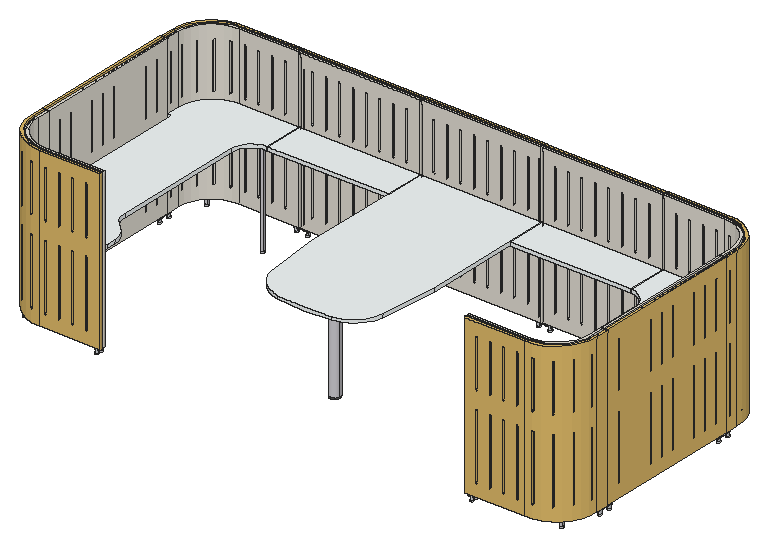
Revit family "1", category Furniture, Revit 2017 (continued)
Automatic sketch dimensions
  plane 3 "Left" to Extrusion 22 sketch curve = 342.518 mm  (x2)
  Extrusion 22 sketch curve to plane 5 "Top" = 99.996 mm  (x8)
  Extrusion 22 sketch curve to Extrusion 22 sketch curve = 7.501 mm  (x16)
  Extrusion 22 sketch curve to Extrusion 22 sketch curve = 84.998 mm  (x12)
  Extrusion 22 sketch curve to plane 4 "Right" = 657.482 mm
  level to Extrusion 22 sketch curve = 150.045 mm  (x3)
  Extrusion 22 sketch curve to Extrusion 22 sketch curve = 0.0 mm  (x17)
  Extrusion 21 sketch curve to Extrusion 21 sketch curve = 0.0 mm
  Extrusion 21 sketch curve to Extrusion 21 sketch curve = 7.501 mm  (x2)
  Extrusion 21 sketch curve to plane 5 "Top" = 99.996 mm
  level to Extrusion 21 sketch curve = 150.07 mm
  Extrusion 20 sketch curve to Extrusion 20 sketch curve = 0.0 mm
  Extrusion 20 sketch curve to Extrusion 20 sketch curve = 7.501 mm  (x2)
  Extrusion 20 sketch curve to plane 5 "Top" = 99.996 mm
  level to Extrusion 20 sketch curve = 150.07 mm
  Extrusion 19 sketch curve to Extrusion 19 sketch curve = 0.0 mm
  Extrusion 19 sketch curve to Extrusion 19 sketch curve = 7.501 mm  (x2)
  Extrusion 19 sketch curve to plane 5 "Top" = 99.996 mm
  level to Extrusion 19 sketch curve = 150.07 mm
  Extrusion 31 sketch curve to Extrusion 31 sketch curve = 0.0 mm
  Extrusion 31 sketch curve to Extrusion 31 sketch curve = 7.501 mm  (x2)
  level to Extrusion 31 sketch curve = 150.07 mm
  Extrusion 31 sketch curve to plane 5 "Top" = 99.996 mm
  Extrusion 30 sketch curve to Extrusion 30 sketch curve = 0.0 mm
  Extrusion 30 sketch curve to Extrusion 30 sketch curve = 7.501 mm  (x2)
  level to Extrusion 30 sketch curve = 150.07 mm
  Extrusion 30 sketch curve to plane 5 "Top" = 99.996 mm
  Extrusion 29 sketch curve to Extrusion 29 sketch curve = 0.0 mm
  Extrusion 29 sketch curve to Extrusion 29 sketch curve = 7.501 mm  (x2)
  level to Extrusion 29 sketch curve = 150.07 mm
  Extrusion 29 sketch curve to plane 5 "Top" = 99.996 mm
  Extrusion 9 sketch curve to Extrusion 9 sketch curve = 0.0 mm
  Extrusion 9 sketch curve to Extrusion 9 sketch curve = 7.501 mm  (x2)
  level to Extrusion 9 sketch curve = 150.07 mm
  Extrusion 9 sketch curve to plane 5 "Top" = 99.996 mm
  Extrusion 18 sketch curve to Extrusion 18 sketch curve = 0.0 mm
  Extrusion 18 sketch curve to Extrusion 18 sketch curve = 7.501 mm  (x2)
  Extrusion 18 sketch curve to plane 5 "Top" = 99.996 mm
  level to Extrusion 18 sketch curve = 150.07 mm
  plane 6 "Back" to Extrusion 8 sketch curve = 309.764 mm
  Extrusion 8 sketch curve to Extrusion 8 sketch curve = 0.0 mm  (x29)
  Extrusion 8 sketch curve to Extrusion 8 sketch curve = 7.501 mm  (x22)
  Extrusion 8 sketch curve to Extrusion 8 sketch curve = 117.8 mm  (x2)
  Extrusion 8 sketch curve to Extrusion 8 sketch curve = 7.47 mm  (x2)
  Extrusion 8 sketch curve to Extrusion 8 sketch curve = 85.127 mm  (x2)
  Extrusion 8 sketch curve to Extrusion 8 sketch curve = 84.93 mm  (x6)
  Extrusion 8 sketch curve to Extrusion 8 sketch curve = 84.998 mm  (x10)
  plane 9 to Extrusion 8 sketch curve = 25.221 mm  (x2)
  level to Extrusion 8 sketch curve = 150.07 mm  (x3)
  Extrusion 8 sketch curve to plane 5 "Top" = 99.996 mm  (x12)
  Extrusion 28 sketch curve to Extrusion 28 sketch curve = 0.0 mm
  Extrusion 28 sketch curve to Extrusion 28 sketch curve = 7.501 mm  (x2)
  level to Extrusion 28 sketch curve = 150.07 mm
  Extrusion 28 sketch curve to plane 5 "Top" = 99.996 mm
  Extrusion 24 sketch curve to Extrusion 24 sketch curve = 0.0 mm
  Extrusion 24 sketch curve to Extrusion 24 sketch curve = 7.501 mm  (x2)
  Extrusion 24 sketch curve to plane 5 "Top" = 99.996 mm
  level to Extrusion 24 sketch curve = 150.07 mm
  plane 6 "Back" to Extrusion 23 sketch curve = 309.692 mm
  Extrusion 23 sketch curve to Extrusion 23 sketch curve = 0.0 mm  (x29)
  Extrusion 23 sketch curve to Extrusion 23 sketch curve = 7.501 mm  (x24)
  Extrusion 23 sketch curve to Extrusion 23 sketch curve = 117.8 mm  (x2)
  Extrusion 23 sketch curve to Extrusion 23 sketch curve = 85.137 mm  (x2)
  Extrusion 23 sketch curve to Extrusion 23 sketch curve = 84.93 mm  (x6)
  Extrusion 23 sketch curve to Extrusion 23 sketch curve = 84.998 mm  (x10)
  plane 9 to Extrusion 23 sketch curve = 25.221 mm  (x2)
  Extrusion 23 sketch curve to plane 5 "Top" = 99.996 mm  (x12)
  level to Extrusion 23 sketch curve = 150.07 mm  (x3)
  Extrusion 7 sketch curve to Extrusion 7 sketch curve = 344.998 mm
  Extrusion 7 sketch curve to Extrusion 7 sketch curve = 140.048 mm  (x9)
  Extrusion 8 sketch curve to Extrusion 8 sketch curve = 479.913 mm  (x2)
  Extrusion 8 sketch curve to Extrusion 8 sketch curve = 140.023 mm  (x3)
  Extrusion 9 sketch curve to plane 5 "Top" = 585.017 mm
  Extrusion 9 sketch curve to Extrusion 9 sketch curve = 140.023 mm
  Extrusion 10 sketch curve to plane 5 "Top" = 585.017 mm
  Extrusion 10 sketch curve to Extrusion 10 sketch curve = 140.023 mm
  Extrusion 11 sketch curve to plane 5 "Top" = 585.017 mm
  Extrusion 11 sketch curve to Extrusion 11 sketch curve = 140.023 mm
  Extrusion 12 sketch curve to plane 5 "Top" = 585.017 mm
  Extrusion 12 sketch curve to Extrusion 12 sketch curve = 140.023 mm
  Extrusion 18 sketch curve to plane 5 "Top" = 585.017 mm
  Extrusion 18 sketch curve to Extrusion 18 sketch curve = 140.023 mm
  Extrusion 19 sketch curve to plane 5 "Top" = 585.017 mm
  Extrusion 19 sketch curve to Extrusion 19 sketch curve = 140.087 mm
  Extrusion 20 sketch curve to plane 5 "Top" = 585.017 mm
  Extrusion 20 sketch curve to Extrusion 20 sketch curve = 140.023 mm
  Extrusion 21 sketch curve to plane 5 "Top" = 585.017 mm
  Extrusion 21 sketch curve to Extrusion 21 sketch curve = 140.023 mm
  Extrusion 22 sketch curve to Extrusion 22 sketch curve = 344.998 mm  (x2)
  Extrusion 22 sketch curve to Extrusion 22 sketch curve = 140.048 mm  (x3)
  Extrusion 23 sketch curve to Extrusion 23 sketch curve = 344.998 mm  (x3)
  Extrusion 23 sketch curve to Extrusion 23 sketch curve = 140.023 mm  (x2)
  Extrusion 24 sketch curve to plane 5 "Top" = 585.017 mm
  Extrusion 24 sketch curve to Extrusion 24 sketch curve = 140.023 mm
  Extrusion 25 sketch curve to plane 5 "Top" = 585.017 mm
  Extrusion 25 sketch curve to Extrusion 25 sketch curve = 140.023 mm
  Extrusion 26 sketch curve to plane 5 "Top" = 585.017 mm
  Extrusion 26 sketch curve to Extrusion 26 sketch curve = 140.023 mm
  Extrusion 27 sketch curve to plane 5 "Top" = 585.017 mm
  Extrusion 27 sketch curve to Extrusion 27 sketch curve = 140.023 mm
  Extrusion 28 sketch curve to plane 5 "Top" = 585.017 mm
  Extrusion 28 sketch curve to Extrusion 28 sketch curve = 140.023 mm
  Extrusion 29 sketch curve to plane 5 "Top" = 585.017 mm
  Extrusion 29 sketch curve to Extrusion 29 sketch curve = 140.087 mm
  Extrusion 30 sketch curve to plane 5 "Top" = 585.017 mm
  Extrusion 30 sketch curve to Extrusion 30 sketch curve = 140.023 mm
  Extrusion 31 sketch curve to plane 5 "Top" = 585.017 mm
  Extrusion 31 sketch curve to Extrusion 31 sketch curve = 140.023 mm
  plane 7 to Masking region 1 sketch curve = 0.0 mm
  plane 8 to Masking region 1 sketch curve = 0.0 mm  (x2)
  plane 1 "Front" to Masking region 1 sketch curve = 0.0 mm  (x2)
  plane 6 "Back" to Masking region 1 sketch curve = 598.605 mm  (x2)
  Masking region 1 sketch curve to plane 3 "Left" = 6410.318 mm
  plane 9 to Masking region 1 sketch curve = 0.0 mm  (x2)
  plane 3 "Left" to Masking region 1 sketch curve = 0.0 mm
  plane 6 "Back" to Masking region 1 sketch curve = 250.0 mm
  plane 9 to Masking region 1 sketch curve = 100.0 mm  (x2)
  Masking region 1 sketch curve to plane 9 = 12.132 mm  (x2)
  Masking region 1 sketch curve to Masking region 1 sketch curve = 300.0 mm
  Masking region 1 sketch curve to plane 1 "Front" = 87.868 mm  (x2)
  Masking region 1 sketch curve to Masking region 1 sketch curve = 0.0 mm  (x10)
  plane 9 to Masking region 1 sketch curve = 93.934 mm  (x2)
  Masking region 1 sketch curve to Masking region 1 sketch curve = 43.934 mm  (x2)
  plane 9 to Masking region 1 sketch curve = 156.066 mm  (x2)
  Masking region 1 sketch curve to Masking region 1 sketch curve = 62.132 mm  (x2)
  plane 1 "Front" to Masking region 1 sketch curve = 18.0 mm
  Masking region 1 sketch curve to Masking region 1 sketch curve = 25.0 mm  (x3)
  Masking region 1 sketch curve to plane 1 "Front" = 20.0 mm  (x2)
  Masking region 1 sketch curve to Masking region 1 sketch curve = 20.0 mm  (x2)
  Masking region 1 sketch curve to Masking region 1 sketch curve = 450.0 mm  (x3)
  Masking region 1 sketch curve to Masking region 1 sketch curve = 150.0 mm
  Masking region 1 sketch curve to Masking region 1 sketch curve = 900.0 mm
  Masking region 1 sketch curve to plane 9 = 63.615 mm  (x2)
  Masking region 1 sketch curve to Masking region 1 sketch curve = 284.754 mm
  plane 6 "Back" to Masking region 1 sketch curve = 216.75 mm
  Masking region 1 sketch curve to Masking region 1 sketch curve = 330.491 mm
  plane 6 "Back" to Masking region 1 sketch curve = 300.0 mm
  Masking region 1 sketch curve to plane 4 "Right" = 750.0 mm  (x2)
  Masking region 1 sketch curve to Masking region 1 sketch curve = 5.0 mm
  Masking region 1 sketch curve to plane 4 "Right" = 300.0 mm  (x2)
  plane 4 "Right" to Masking region 1 sketch curve = 6410.318 mm
  Masking region 1 sketch curve to Masking region 1 sketch curve = 14.0 mm  (x2)
  Masking region 1 sketch curve to Masking region 1 sketch curve = 18.0 mm
  Masking region 1 sketch curve to Masking region 1 sketch curve = 298.0 mm
  Masking region 1 sketch curve to Masking region 1 sketch curve = 381.25 mm
  plane 6 "Back" to Masking region 1 sketch curve = 450.0 mm
  Masking region 1 sketch curve to Masking region 1 sketch curve = 100.0 mm  (x2)
  Masking region 1 sketch curve to plane 9 = 19.228 mm
  radius of Extrusion 2 sketch curve = 12.0 mm  (x8)
  radius of Extrusion 3 sketch curve = 7.5 mm  (x8)
  radius of Extrusion 4 sketch curve = 9.25 mm  (x4)
  radius of Extrusion 5 sketch curve = 9.5 mm  (x4)
  radius of Extrusion 33 sketch curve = 38.0 mm
  radius of Extrusion 34 sketch curve = 38.0 mm
Nested families
  nested 1: "Sub 1" at (24.849, 42.721, 0) x (0, 1, 0) z (0, 0, 1), type "Sub 1"
  nested 2: "Sub 1" at (707.3, 1474.726, 0) x (-1, 0, 0) z (0, 0, 1), type "Sub 1"
  nested 3: "Sub 1" at (792.7, 1474.726, 0), type "Sub 1"
  nested 4: "Sub 1" at (1607.287, 1474.731, 0) x (-1, 0, 0) z (0, 0, 1), type "Sub 1"
  nested 5: "Sub 1" at (1692.687, 1474.731, 0), type "Sub 1"
  nested 6: "Sub 1" at (24.849, -42.72, 0) x (0, -1, 0) z (0, 0, 1), type "Sub 1"
  nested 7: "Sub 1" at (24.849, 1142.521, 0) x (0, 1, 0) z (0, 0, 1), type "Sub 1"
  nested 8: "Sub 1" at (24.849, 1057.08, 0) x (0, -1, 0) z (0, 0, 1), type "Sub 1"
  nested 9: "Sub 1" at (707.3, -375.074, 0) x (-1, 0, 0) z (0, 0, 1), type "Sub 1"
  nested 10: "Sub 1" at (2507.287, 1474.731, 0) x (-1, 0, 0) z (0, 0, 1), type "Sub 1"
  nested 11: "Sub 1" at (2592.687, 1474.731, 0), type "Sub 1"
  nested 12: "Sub 1" at (3407.287, 1474.731, 0) x (-1, 0, 0) z (0, 0, 1), type "Sub 1"
  nested 13: "Sub 1" at (3492.687, 1474.731, 0), type "Sub 1"
  nested 14: "Sub 1" at (4175.151, 42.721, 0) x (0, 1, 0) z (0, 0, 1), type "Sub 1"
  nested 15: "Sub 1" at (4175.151, -42.72, 0) x (0, -1, 0) z (0, 0, 1), type "Sub 1"
  nested 16: "Sub 1" at (4175.151, 1142.521, 0) x (0, 1, 0) z (0, 0, 1), type "Sub 1"
  nested 17: "Sub 1" at (4175.151, 1057.08, 0) x (0, -1, 0) z (0, 0, 1), type "Sub 1"
  nested 18: "Sub 1" at (3492.7, -375.074, 0), type "Sub 1"
Definition of nested family "Sub 1"
  Parameters (values of type "Panel_sub 1")
    Body = none
  Reference planes
    plane 1 "Center (Front/Back)": y = 0
    plane 2: z = 0
    plane 3 "Center (Left/Right)": x = 0
  Forms (mm)
    Revolve 1, solid, material <- "Body"
      sketch origin (-518.169, 0, 0) x (1, 0, 0) y (0, 0, 1)
        loop
          line (518.169, 10) -> (510.669, 10) -> (510.669, 4) -> (506.169, 4) -> (506.169, 0) -> (518.169, 0) -> (518.169, 10)
        axis (518.169, 0) -> (518.169, 10)
      angle from 0 to 360
    Extrusion 2, solid, material <- "Body"
      sketch origin (-518.15, -386.061, 0) x (1, 0, 0) y (0, 1, 0)
        loop
          circle (518.115, 386.196) r 9.201
      from 10 to 50
    Extrusion 3, solid, material <- "Body"
      sketch origin (1122.278, -229.784, 0) x (-1, 0, 0) y (0, 0, -1)
        loop
          line (1113.109, -28.851) -> (1113.109, -50) -> (1147.978, -50) -> (1147.978, -36.997)
          arc (1147.978, -36.997) -> (1145.592, -31.237) -> (1139.832, -28.851) r 8.145
          line (1139.832, -28.851) -> (1113.109, -28.851)
      from -239.308 to -220.608
    Extrusion 4, solid, material <- "Body"
      sketch origin (1121.929, -229.784, -0.184) x (-1, 0, 0) y (0, 0, -1)
        loop
          circle (1139.612, -37.018) r 5
      from -239.368 to -220.495
  Lines and regions (mm)
    symbolic lines, detail levels coarse
      curve 1: line (-17.794, 7, 0) -> (-17.794, -7, 0)
    symbolic lines, detail levels medium+fine
      curve 2: line (-17.794, 7, 0) -> (-17.794, -7, 0)
  Dimensions and locks
    aligned and locked: level to plane 2
Types (81, lengths in mm): name | Panel_Interior | Panel_Exterior | Desktop | Color Name | Color Code
  (no name) | okm_F024 | okm_F027 | okm_MG99 | "White/Chamomile/Vanilla" | "MZ16"
  MAJ8(White/Peach_Mono) | okm_F005 | okm_F005 | okm_MG99 | "White/Peach_Mono" | "MAJ8"
  MAJ1(White/Oats_Mono) | okm_F026 | okm_F026 | okm_MG99 | "White/Oats_Mono" | "MAJ1"
  MAJ2(White/Mushroom_Mono) | okm_F025 | okm_F025 | okm_MG99 | "White/Mushroom_Mono" | "MAJ2"
  MAJ0(White/Blackberry_Mono) | okm_F013 | okm_F013 | okm_MG99 | "White/Blackberry_Mono" | "MAJ0"
  MAJ3(White/Huckleberry_Mono) | okm_F007 | okm_F007 | okm_MG99 | "White/Huckleberry_Mono" | "MAJ3"
  MAJ9(White/Indigo_Mono) | okm_F029 | okm_F029 | okm_MG99 | "White/Indigo_Mono" | "MAJ9"
  MAJ4(White/Sage_Mono) | okm_F002 | okm_F002 | okm_MG99 | "White/Sage_Mono" | "MAJ4"
  MAJ5(White/Grape_Mono) | okm_F015 | okm_F015 | okm_MG99 | "White/Grape_Mono" | "MAJ5"
  MAJ6(White/Chamomile_Mono) | okm_F027 | okm_F027 | okm_MG99 | "White/Chamomile_Mono" | "MAJ6"
  MAJ7(White/Pumpkin_Mono) | okm_F010 | okm_F010 | okm_MG99 | "White/Pumpkin_Mono" | "MAJ7"
  MZ14(White/Sage/Vanilla) | okm_F024 | okm_F002 | okm_MG99 | "White/Sage/Vanilla" | "MZ14"
  MZ13(White/Huckleberry/Vanilla) | okm_F024 | okm_F007 | okm_MG99 | "White/Huckleberry/Vanilla" | "MZ13"
  MZ17(White/Pumpkin/Vanilla) | okm_F024 | okm_F010 | okm_MG99 | "White/Pumpkin/Vanilla" | "MZ17"
  MZ20(White/Blackberry/Vanilla) | okm_F024 | okm_F013 | okm_MG99 | "White/Blackberry/Vanilla" | "MZ20"
  MZ15(White/Grape/Vanilla) | okm_F024 | okm_F015 | okm_MG99 | "White/Grape/Vanilla" | "MZ15"
  MZ12(White/Mushroom/Vanilla) | okm_F024 | okm_F025 | okm_MG99 | "White/Mushroom/Vanilla" | "MZ12"
  MZ16(White/Chamomile/Vanilla) | okm_F024 | okm_F027 | okm_MG99 | "White/Chamomile/Vanilla" | "MZ16"
  MZ19(White/Indigo/Vanilla) | okm_F024 | okm_F029 | okm_MG99 | "White/Indigo/Vanilla" | "MZ19"
  MZ11(White/Oats/Vanilla) | okm_F024 | okm_F026 | okm_MG99 | "White/Oats/Vanilla" | "MZ11"
  MZ18(White/Peach/Vanilla) | okm_F024 | okm_F005 | okm_MG99 | "White/Peach/Vanilla" | "MZ18"
  MAK0(Neo Wood Light/Blackberry_Mono) | okm_F013 | okm_F013 | okm_MK37 | "Neo Wood Light/Blackberry_Mono" | "MAK0"
  MAK1(Neo Wood Light/Oats_Mono) | okm_F026 | okm_F026 | okm_MK37 | "Neo Wood Light/Oats_Mono" | "MAK1"
  MAL2(Neo Wood Medium/Mushroom_Mono) | okm_F025 | okm_F025 | okm_MK38 | "Neo Wood Medium/Mushroom_Mono" | "MAL2"
  MAL3(Neo Wood Medium/Huckleberry_Mono) | okm_F007 | okm_F007 | okm_MK38 | "Neo Wood Medium/Huckleberry_Mono" | "MAL3"
  MAK4(Neo Wood Light/Sage_Mono) | okm_F002 | okm_F002 | okm_MK37 | "Neo Wood Light/Sage_Mono" | "MAK4"
  MAK5(Neo Wood Light/Grape_Mono) | okm_F015 | okm_F015 | okm_MK37 | "Neo Wood Light/Grape_Mono" | "MAK5"
  MAK6(Neo Wood Light/Chamomile_Mono) | okm_F027 | okm_F027 | okm_MK37 | "Neo Wood Light/Chamomile_Mono" | "MAK6"
  MAK7(Neo Wood Light/Pumpkin_Mono) | okm_F010 | okm_F010 | okm_MK37 | "Neo Wood Light/Pumpkin_Mono" | "MAK7"
  MAK8(Neo Wood Light/Peach_Mono) | okm_F005 | okm_F005 | okm_MK37 | "Neo Wood Light/Peach_Mono" | "MAK8"
  MAK9(Neo Wood Light/Indigo_Mono) | okm_F029 | okm_F029 | okm_MK37 | "Neo Wood Light/Indigo_Mono" | "MAK9"
  MAL1(Neo Wood Medium/Oats_Mono) | okm_F026 | okm_F026 | okm_MK38 | "Neo Wood Medium/Oats_Mono" | "MAL1"
  MAK3(Neo Wood Light/Huckleberry_Mono) | okm_F007 | okm_F007 | okm_MK37 | "Neo Wood Light/Huckleberry_Mono" | "MAK3"
  MAK2(Neo Wood Light/Mushroom_Mono) | okm_F025 | okm_F025 | okm_MK37 | "Neo Wood Light/Mushroom_Mono" | "MAK2"
  MAL4(Neo Wood Medium/Sage_Mono) | okm_F002 | okm_F002 | okm_MK38 | "Neo Wood Medium/Sage_Mono" | "MAL4"
  MAM1(Neo Wood Dark/Oats_Mono) | okm_F026 | okm_F026 | okm_MK39 | "Neo Wood Dark/Oats_Mono" | "MAM1"
  MAL5(Neo Wood Medium/Grape_Mono) | okm_F015 | okm_F015 | okm_MK38 | "Neo Wood Medium/Grape_Mono" | "MAL5"
  MAL6(Neo Wood Medium/Chamomile_Mono) | okm_F027 | okm_F027 | okm_MK38 | "Neo Wood Medium/Chamomile_Mono" | "MAL6"
  MAL7(Neo Wood Medium/Pumpkin_Mono) | okm_F010 | okm_F010 | okm_MK38 | "Neo Wood Medium/Pumpkin_Mono" | "MAL7"
  MAL8(Neo Wood Medium/Peach_Mono) | okm_F005 | okm_F005 | okm_MK38 | "Neo Wood Medium/Peach_Mono" | "MAL8"
  MAL9(Neo Wood Medium/Indigo_Mono) | okm_F029 | okm_F029 | okm_MK38 | "Neo Wood Medium/Indigo_Mono" | "MAL9"
  MAL0(Neo Wood Medium/Blackberry_Mono) | okm_F013 | okm_F013 | okm_MK38 | "Neo Wood Medium/Blackberry_Mono" | "MAL0"
  MAM0(Neo Wood Dark/Blackberry_Mono) | okm_F013 | okm_F013 | okm_MK39 | "Neo Wood Dark/Blackberry_Mono" | "MAM0"
  MAM2(Neo Wood Dark/Mushroom_Mono) | okm_F025 | okm_F025 | okm_MK39 | "Neo Wood Dark/Mushroom_Mono" | "MAM2"
  MAM3(Neo Wood Dark/Huckleberry_Mono) | okm_F007 | okm_F007 | okm_MK39 | "Neo Wood Dark/Huckleberry_Mono" | "MAM3"
  MAM4(Neo Wood Dark/Sage_Mono) | okm_F002 | okm_F002 | okm_MK39 | "Neo Wood Dark/Sage_Mono" | "MAM4"
  MAM5(Neo Wood Dark/Grape_Mono) | okm_F015 | okm_F015 | okm_MK39 | "Neo Wood Dark/Grape_Mono" | "MAM5"
  MAM6(Neo Wood Dark/Chamomile_Mono) | okm_F027 | okm_F027 | okm_MK39 | "Neo Wood Dark/Chamomile_Mono" | "MAM6"
  MAM7(Neo Wood Dark/Pumpkin_Mono) | okm_F010 | okm_F010 | okm_MK39 | "Neo Wood Dark/Pumpkin_Mono" | "MAM7"
  MAM8(Neo Wood Dark/Peach_Mono) | okm_F005 | okm_F005 | okm_MK39 | "Neo Wood Dark/Peach_Mono" | "MAM8"
  MAM9(Neo Wood Dark/Indigo_Mono) | okm_F029 | okm_F029 | okm_MK39 | "Neo Wood Dark/Indigo_Mono" | "MAM9"
  MZ21(Neo Wood Light/Oats/Vanilla) | okm_F024 | okm_F026 | okm_MK37 | "Neo Wood Light/Oats/Vanilla" | "MZ21"
  MZ22(Neo Wood Light/Mushroom/Vanilla) | okm_F024 | okm_F025 | okm_MK37 | "Neo Wood Light/Mushroom/Vanilla" | "MZ22"
  MZ23(Neo Wood Light/Huckleberry/Vanilla) | okm_F024 | okm_F007 | okm_MK37 | "Neo Wood Light/Huckleberry/Vanilla" | "MZ23"
  MZ24(Neo Wood Light/Sage/Vanilla) | okm_F024 | okm_F002 | okm_MK37 | "Neo Wood Light/Sage/Vanilla" | "MZ24"
  MZ25(Neo Wood Light/Grape/Vanilla) | okm_F024 | okm_F015 | okm_MK37 | "Neo Wood Light/Grape/Vanilla" | "MZ25"
  MZ26(Neo Wood Light/Chamomile/Vanilla) | okm_F024 | okm_F027 | okm_MK37 | "Neo Wood Light/Chamomile/Vanilla" | "MZ26"
  MZ27(Neo Wood Light/Pumpkin/Vanilla) | okm_F024 | okm_F010 | okm_MK37 | "Neo Wood Light/Pumpkin/Vanilla" | "MZ27"
  MZ28(Neo Wood Light/Peach/Vanilla) | okm_F024 | okm_F005 | okm_MK37 | "Neo Wood Light/Peach/Vanilla" | "MZ28"
  MZ29(Neo Wood Light/Indigo/Vanilla) | okm_F024 | okm_F029 | okm_MK37 | "Neo Wood Light/Indigo/Vanilla" | "MZ29"
  MZ30(Neo Wood Light/Blackberry/Vanilla) | okm_F024 | okm_F013 | okm_MK37 | "Neo Wood Light/Blackberry/Vanilla" | "MZ30"
  MZ31(Neo Wood Medium/Oats/Vanilla) | okm_F024 | okm_F026 | okm_MK38 | "Neo Wood Medium/Oats/Vanilla" | "MZ31"
  MZ32(Neo Wood Medium/Mushroom/Vanilla) | okm_F024 | okm_F025 | okm_MK38 | "Neo Wood Medium/Mushroom/Vanilla" | "MZ32"
  MZ33(Neo Wood Medium/Huckleberry/Vanilla) | okm_F024 | okm_F007 | okm_MK38 | "Neo Wood Medium/Huckleberry/Vanilla" | "MZ33"
  MZ34(Neo Wood Medium/Sage/Vanilla) | okm_F024 | okm_F002 | okm_MK38 | "Neo Wood Medium/Sage/Vanilla" | "MZ34"
  MZ35(Neo Wood Medium/Grape/Vanilla) | okm_F024 | okm_F015 | okm_MK38 | "Neo Wood Medium/Grape/Vanilla" | "MZ35"
  MZ36(Neo Wood Medium/Chamomile/Vanilla) | okm_F024 | okm_F027 | okm_MK38 | "Neo Wood Medium/Chamomile/Vanilla" | "MZ36"
  MZ37(Neo Wood Medium/Pumpkin/Vanilla) | okm_F024 | okm_F010 | okm_MK38 | "Neo Wood Medium/Pumpkin/Vanilla" | "MZ37"
  MZ38(Neo Wood Medium/Peach/Vanilla) | okm_F024 | okm_F005 | okm_MK38 | "Neo Wood Medium/Peach/Vanilla" | "MZ38"
  MZ39(Neo Wood Medium/Indigo/Vanilla) | okm_F024 | okm_F029 | okm_MK38 | "Neo Wood Medium/Indigo/Vanilla" | "MZ39"
  MZ40(Neo Wood Medium/Blackberry/Vanilla) | okm_F024 | okm_F013 | okm_MK38 | "Neo Wood Medium/Blackberry/Vanilla" | "MZ40"
  MZ50(Neo Wood Dark/Blackberry/Vanilla) | okm_F024 | okm_F013 | okm_MK39 | "Neo Wood Dark/Blackberry/Vanilla" | "MZ50"
  MZ41(Neo Wood Dark/Oats/Vanilla) | okm_F024 | okm_F026 | okm_MK39 | "Neo Wood Dark/Oats/Vanilla" | "MZ41"
  MZ42(Neo Wood Dark/Mushroom/Vanilla) | okm_F024 | okm_F025 | okm_MK39 | "Neo Wood Dark/Mushroom/Vanilla" | "MZ42"
  MZ43(Neo Wood Dark/Huckleberry/Vanilla) | okm_F024 | okm_F007 | okm_MK39 | "Neo Wood Dark/Huckleberry/Vanilla" | "MZ43"
  MZ44(Neo Wood Dark/Sage/Vanilla) | okm_F024 | okm_F002 | okm_MK39 | "Neo Wood Dark/Sage/Vanilla" | "MZ44"
  MZ45(Neo Wood Dark/Grape/Vanilla) | okm_F024 | okm_F015 | okm_MK39 | "Neo Wood Dark/Grape/Vanilla" | "MZ45"
  MZ46(Neo Wood Dark/Chamomile/Vanilla) | okm_F024 | okm_F027 | okm_MK39 | "Neo Wood Dark/Chamomile/Vanilla" | "MZ46"
  MZ47(Neo Wood Dark/Pumpkin/Vanilla) | okm_F024 | okm_F010 | okm_MK39 | "Neo Wood Dark/Pumpkin/Vanilla" | "MZ47"
  MZ48(Neo Wood Dark/Peach/Vanilla) | okm_F024 | okm_F005 | okm_MK39 | "Neo Wood Dark/Peach/Vanilla" | "MZ48"
  MZ49(Neo Wood Dark/Indigo/Vanilla) | okm_F024 | okm_F029 | okm_MK39 | "Neo Wood Dark/Indigo/Vanilla" | "MZ49"
